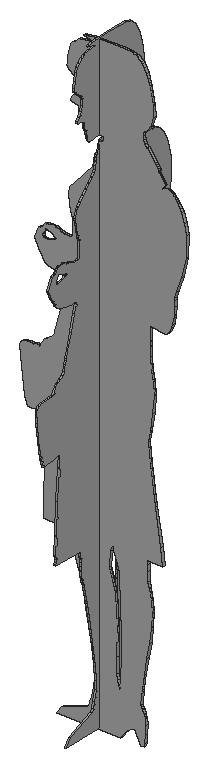
Revit family
Parameters
  built-in parameter 1005198 = (empty or 0)
  built-in parameter 1005195 = "d:\\byoh\\M25_HOL1_Santa.rpc"
Reference planes
  plane 1 "Center (Front/Back)": y = 0
  plane 2: z = 0
  plane 3 "Center (Left/Right)": x = 0
Forms (mm)
  Extrusion 1, solid, material "Sombra escala"
    sketch origin (0, 0, 0) x (1, 0, 0) y (0, 0, 1)
      loop
        line (130.323, 1438.616) -> (125.65, 1445.626) -> (122.845, 1455.613) -> (121.386, 1464.142) -> (122.845, 1471.267) -> (125.65, 1474.129) -> (128.512, 1475.588) -> (129.971, 1475.588) -> (134.235, 1481.255) -> (142.763, 1495.506) -> (149.889, 1518.342) -> (148.486, 1545.442) -> (139.902, 1586.738) -> (131.373, 1615.297) -> (119.983, 1635.215) -> (107.135, 1648.064) -> (90.022, 1653.787) -> (67.242, 1655.19) -> (38.683, 1655.19) -> (1.651, 1655.19) -> (-11.197, 1655.19) -> (-24.046, 1653.787) -> (-34.033, 1650.926) -> (-38.298, 1650.926) -> (-11.197, 1643.8) -> (-48.285, 1636.674) -> (-51.09, 1635.215) -> (-58.272, 1629.548) -> (-66.801, 1622.423) -> (-73.926, 1615.297) -> (-76.788, 1603.851) -> (-81.052, 1585.335) -> (-82.455, 1568.222) -> (-83.914, 1561.097) -> (-81.052, 1558.235) -> (-76.788, 1552.568) -> (-68.203, 1545.442) -> (-61.078, 1539.719) -> (-56.813, 1531.135) -> (-56.813, 1518.342) -> (-61.078, 1504.091) -> (-68.203, 1492.645) -> (-72.524, 1485.519) -> (-72.524, 1481.255) -> (-69.662, 1479.852) -> (-68.203, 1479.852) -> (-51.09, 1475.588) -> (-51.09, 1472.726) -> (-51.09, 1468.406) -> (-51.09, 1464.142) -> (-49.688, 1458.475) -> (-46.826, 1452.752) -> (-43.965, 1449.89) -> (-42.562, 1448.488) -> (-42.562, 1444.167) -> (-41.159, 1434.236) -> (-38.298, 1424.249) -> (-32.575, 1419.985) -> (-24.046, 1419.985) -> (-15.462, 1421.387) -> (-5.474, 1422.79) -> (3.054, 1424.249) -> (10.18, 1424.249) -> (14.444, 1422.79) -> (15.903, 1419.985) -> (14.444, 1415.664) -> (11.694, 1411.539) -> (1.651, 1407.136) -> (-4.864, 1382.223) -> (-6.933, 1378.633) -> (-9.795, 1374.313) -> (-9.795, 1371.507) -> (-11.197, 1362.923) -> (-12.6, 1352.935) -> (-14.059, 1344.407) -> (-16.92, 1338.684) -> (-24.046, 1330.155) -> (-32.575, 1320.168) -> (-42.562, 1308.778) -> (-52.549, 1298.791) -> (-62.536, 1287.345) -> (-69.662, 1278.817) -> (-75.329, 1273.094) -> (-79.649, 1255.981) -> (-75.329, 1230.339) -> (-71.065, 1207.503) -> (-68.203, 1197.572) -> (-68.203, 1153.359) -> (-71.065, 1153.359) -> (-78.191, 1153.359) -> (-88.178, 1154.761) -> (-96.762, 1157.623) -> (-101.027, 1159.026) -> (-106.693, 1160.485) -> (-112.416, 1163.346) -> (-119.542, 1164.749) -> (-125.265, 1164.749) -> (-132.391, 1164.749) -> (-136.655, 1163.346) -> (-140.919, 1161.887) -> (-145.24, 1157.623) -> (-146.642, 1153.359) -> (-143.781, 1150.497) -> (-135.252, 1147.636) -> (-125.265, 1144.774) -> (-116.681, 1139.107) -> (-111.014, 1134.843) -> (-109.555, 1133.384) -> (-113.875, 1131.982) -> (-125.265, 1127.661) -> (-138.058, 1124.856) -> (-146.642, 1127.661) -> (-148.045, 1134.843) -> (-143.781, 1140.51) -> (-139.517, 1146.233) -> (-140.919, 1149.095) -> (-146.642, 1150.497) -> (-152.365, 1150.497) -> (-156.63, 1149.095) -> (-158.032, 1147.636) -> (-169.478, 1120.536) -> (-159.491, 1096.297) -> (-148.045, 1079.24) -> (-148.045, 1077.781) -> (-146.642, 1074.92) -> (-142.378, 1069.253) -> (-135.252, 1064.932) -> (-123.806, 1060.668) -> (-109.555, 1057.807) -> (-98.165, 1056.404) -> (-93.901, 1055.001) -> (-91.039, 1056.404) -> (-85.316, 1057.807) -> (-81.052, 1057.807) -> (-78.191, 1052.14) -> (-82.455, 1029.36) -> (-93.901, 988.008) -> (-105.291, 949.518) -> (-109.555, 932.405) -> (-111.014, 929.543) -> (-112.416, 921.015) -> (-115.278, 912.487) -> (-116.681, 905.361) -> (-121.001, 898.179) -> (-129.529, 892.512) -> (-138.058, 886.789) -> (-142.378, 885.386) -> (-155.171, 864.009) -> (-158.032, 864.009) -> (-163.755, 864.009) -> (-172.284, 862.55) -> (-182.271, 862.55) -> (-192.258, 861.148) -> (-200.843, 858.286) -> (-206.51, 854.022) -> (-209.371, 849.758) -> (-206.51, 821.199) -> (-202.246, 774.18) -> (-195.12, 728.564) -> (-187.994, 707.187) -> (-183.73, 707.187) -> (-176.604, 707.187) -> (-166.617, 708.59) -> (-158.032, 709.992) -> (-148.045, 712.854) -> (-139.517, 714.313) -> (-132.362, 716.066) -> (-135.252, 681.489) -> (-139.517, 603.106) -> (-145.24, 521.806) -> (-146.642, 477.649) -> (-145.24, 466.202) -> (-145.24, 459.077) -> (-146.642, 454.813) -> (-146.642, 453.41) -> (-63.939, 449.089) -> (-63.939, 446.228) -> (-62.536, 437.7) -> (-61.078, 429.171) -> (-61.078, 422.045) -> (-61.078, 413.461) -> (-61.078, 400.612) -> (-59.675, 387.819) -> (-58.272, 377.832) -> (-55.411, 373.568) -> (-53.952, 367.845) -> (-51.09, 363.581) -> (-49.688, 356.455) -> (-45.423, 342.204) -> (-39.7, 315.103) -> (-32.575, 278.016) -> (-25.449, 236.664) -> (-18.323, 192.507) -> (-12.6, 151.155) -> (-9.795, 118.332) -> (-11.197, 95.552) -> (-16.92, 69.855) -> (-21.185, 55.603) -> (-24.394, 46.037) -> (-96.762, 17.113) -> (-109.555, -1.403) -> (61.519, -1.403) -> (64.38, 2.862) -> (72.909, 14.251) -> (84.299, 25.698) -> (98.606, 32.823) -> (114.26, -1.403) -> (124.248, -1.403) -> (125.65, 7.126) -> (127.109, 28.503) -> (128.512, 51.339) -> (127.109, 66.993) -> (124.248, 76.98) -> (119.983, 85.565) -> (115.663, 92.691) -> (114.26, 95.552) -> (118.525, 134.042) -> (124.248, 172.533) -> (131.373, 212.425) -> (138.499, 252.374) -> (142.763, 290.865) -> (145.625, 325.091) -> (142.763, 356.455) -> (137.096, 383.499) -> (134.235, 399.209) -> (134.235, 422.045) -> (134.235, 440.561) -> (134.235, 449.089) -> (174.128, 449.089) -> (168.461, 491.9) -> (154.209, 585.993) -> (139.902, 684.351) -> (135.638, 735.69) -> (139.902, 761.331) -> (147.084, 805.544) -> (151.348, 849.758) -> (148.486, 882.525) -> (142.763, 908.166) -> (139.902, 939.531) -> (139.902, 965.228) -> (139.902, 976.618) -> (139.902, 1013.706) -> (144.222, 1013.706) -> (155.612, 1012.247) -> (168.461, 1009.385) -> (178.448, 1009.385) -> (186.977, 1012.247) -> (192.7, 1019.373) -> (198.366, 1029.36) -> (201.228, 1039.347) -> (204.089, 1060.668) -> (205.492, 1082.045) -> (205.492, 1097.756) -> (205.492, 1104.881) -> (211.215, 1120.536) -> (224.064, 1159.026) -> (236.857, 1210.365) -> (238.315, 1264.565) -> (232.592, 1291.665) -> (224.064, 1315.904) -> (212.618, 1337.281) -> (199.825, 1351.533) -> (186.977, 1358.658) -> (174.442, 1356.142) -> (175.587, 1358.658) -> (179.851, 1364.381) -> (162.171, 1390.836) -> (164.141, 1392.884) -> (164.141, 1394.287) -> (134.235, 1439.903) -> (130.323, 1438.616)
      loop
        line (45.808, 433.435) -> (38.683, 449.089) -> (34.419, 439.102) -> (30.154, 397.807) -> (47.267, 340.745) -> (51.531, 262.362) -> (50.129, 189.645) -> (50.129, 148.294) -> (52.934, 134.042) -> (55.796, 124.055) -> (57.255, 116.929) -> (57.255, 114.068) -> (60.116, 135.445) -> (62.921, 192.507) -> (62.921, 255.236) -> (61.519, 306.519) -> (60.116, 330.757) -> (60.116, 342.204) -> (58.657, 362.122) -> (58.657, 383.499) -> (57.255, 396.348) -> (45.808, 433.435)
    from -2.5 to 2.5
  Extrusion 2, solid, material "Sombra escala"
    sketch origin (0, 0, 0) x (0, 1, 0) y (0, 0, 1)
      loop
        line (129.951, 1440.019) -> (125.278, 1447.029) -> (122.473, 1457.016) -> (121.014, 1465.544) -> (122.473, 1472.67) -> (125.278, 1475.532) -> (128.14, 1476.99) -> (129.598, 1476.99) -> (133.863, 1482.657) -> (142.391, 1496.909) -> (149.517, 1519.745) -> (148.114, 1546.845) -> (139.529, 1588.141) -> (131.001, 1616.7) -> (119.611, 1636.618) -> (106.762, 1649.467) -> (89.649, 1655.19) -> (66.869, 1656.593) -> (38.31, 1656.593) -> (1.279, 1656.593) -> (-11.57, 1656.593) -> (-24.418, 1655.19) -> (-34.406, 1652.328) -> (-38.67, 1652.328) -> (-11.57, 1645.203) -> (-48.657, 1638.077) -> (-51.463, 1636.618) -> (-58.644, 1630.951) -> (-67.173, 1623.825) -> (-74.299, 1616.7) -> (-77.16, 1605.254) -> (-81.424, 1586.738) -> (-82.827, 1569.625) -> (-84.286, 1562.499) -> (-81.424, 1559.638) -> (-77.16, 1553.971) -> (-68.576, 1546.845) -> (-61.45, 1541.122) -> (-57.186, 1532.538) -> (-57.186, 1519.745) -> (-61.45, 1505.493) -> (-68.576, 1494.047) -> (-72.896, 1486.922) -> (-72.896, 1482.657) -> (-70.034, 1481.255) -> (-68.576, 1481.255) -> (-51.463, 1476.99) -> (-51.463, 1474.129) -> (-51.463, 1469.809) -> (-51.463, 1465.544) -> (-50.06, 1459.878) -> (-47.198, 1454.154) -> (-44.337, 1451.293) -> (-42.934, 1449.89) -> (-42.934, 1445.57) -> (-41.531, 1435.639) -> (-38.67, 1425.652) -> (-32.947, 1421.387) -> (-24.418, 1421.387) -> (-15.834, 1422.79) -> (-5.847, 1424.193) -> (2.682, 1425.652) -> (9.807, 1425.652) -> (14.072, 1424.193) -> (15.53, 1421.387) -> (14.072, 1417.067) -> (11.321, 1412.941) -> (1.279, 1408.539) -> (-5.237, 1383.626) -> (-7.306, 1380.036) -> (-10.167, 1375.715) -> (-10.167, 1372.91) -> (-11.57, 1364.325) -> (-12.972, 1354.338) -> (-14.431, 1345.81) -> (-17.293, 1340.087) -> (-24.418, 1331.558) -> (-32.947, 1321.571) -> (-42.934, 1310.181) -> (-52.921, 1300.194) -> (-62.909, 1288.748) -> (-70.034, 1280.219) -> (-75.701, 1274.496) -> (-80.022, 1257.383) -> (-75.701, 1231.742) -> (-71.437, 1208.906) -> (-68.576, 1198.975) -> (-68.576, 1154.761) -> (-71.437, 1154.761) -> (-78.563, 1154.761) -> (-88.55, 1156.164) -> (-97.135, 1159.026) -> (-101.399, 1160.428) -> (-107.066, 1161.887) -> (-112.789, 1164.749) -> (-119.915, 1166.151) -> (-125.638, 1166.151) -> (-132.763, 1166.151) -> (-137.028, 1164.749) -> (-141.292, 1163.29) -> (-145.612, 1159.026) -> (-147.015, 1154.761) -> (-144.153, 1151.9) -> (-135.625, 1149.038) -> (-125.638, 1146.177) -> (-117.053, 1140.51) -> (-111.386, 1136.246) -> (-109.927, 1134.787) -> (-114.248, 1133.384) -> (-125.638, 1129.064) -> (-138.43, 1126.259) -> (-147.015, 1129.064) -> (-148.417, 1136.246) -> (-144.153, 1141.913) -> (-139.889, 1147.636) -> (-141.292, 1150.497) -> (-147.015, 1151.9) -> (-152.738, 1151.9) -> (-157.002, 1150.497) -> (-158.405, 1149.038) -> (-169.851, 1121.938) -> (-159.864, 1097.7) -> (-148.417, 1080.643) -> (-148.417, 1079.184) -> (-147.015, 1076.322) -> (-142.751, 1070.655) -> (-135.625, 1066.335) -> (-124.179, 1062.071) -> (-109.927, 1059.209) -> (-98.537, 1057.807) -> (-94.273, 1056.404) -> (-91.412, 1057.807) -> (-85.689, 1059.209) -> (-81.424, 1059.209) -> (-78.563, 1053.542) -> (-82.827, 1030.763) -> (-94.273, 989.411) -> (-105.663, 950.921) -> (-109.927, 933.808) -> (-111.386, 930.946) -> (-112.789, 922.418) -> (-115.65, 913.889) -> (-117.053, 906.764) -> (-121.373, 899.582) -> (-129.902, 893.915) -> (-138.43, 888.192) -> (-142.751, 886.789) -> (-155.543, 865.412) -> (-158.405, 865.412) -> (-164.128, 865.412) -> (-172.656, 863.953) -> (-182.643, 863.953) -> (-192.631, 862.55) -> (-201.215, 859.689) -> (-206.882, 855.425) -> (-209.744, 851.16) -> (-206.882, 822.601) -> (-202.618, 775.583) -> (-195.492, 729.967) -> (-188.366, 708.59) -> (-184.102, 708.59) -> (-176.977, 708.59) -> (-166.989, 709.992) -> (-158.405, 711.395) -> (-148.417, 714.257) -> (-139.889, 715.715) -> (-132.734, 717.469) -> (-135.625, 682.892) -> (-139.889, 604.509) -> (-145.612, 523.208) -> (-147.015, 479.051) -> (-145.612, 467.605) -> (-145.612, 460.479) -> (-147.015, 456.215) -> (-147.015, 454.813) -> (-64.311, 450.492) -> (-64.311, 447.631) -> (-62.909, 439.102) -> (-61.45, 430.574) -> (-61.45, 423.448) -> (-61.45, 414.864) -> (-61.45, 402.015) -> (-60.047, 389.222) -> (-58.644, 379.235) -> (-55.783, 374.971) -> (-54.324, 369.248) -> (-51.463, 364.983) -> (-50.06, 357.858) -> (-45.796, 343.606) -> (-40.073, 316.506) -> (-32.947, 279.419) -> (-25.821, 238.067) -> (-18.695, 193.91) -> (-12.972, 152.558) -> (-10.167, 119.735) -> (-11.57, 96.955) -> (-17.293, 71.257) -> (-21.557, 57.006) -> (-24.767, 47.44) -> (-97.135, 18.516) -> (-109.927, 0) -> (61.146, 0) -> (64.008, 4.264) -> (72.536, 15.654) -> (83.926, 27.1) -> (98.234, 34.226) -> (113.888, 0) -> (123.875, 0) -> (125.278, 8.528) -> (126.737, 29.906) -> (128.14, 52.742) -> (126.737, 68.396) -> (123.875, 78.383) -> (119.611, 86.968) -> (115.291, 94.093) -> (113.888, 96.955) -> (118.152, 135.445) -> (123.875, 173.935) -> (131.001, 213.828) -> (138.127, 253.777) -> (142.391, 292.267) -> (145.252, 326.493) -> (142.391, 357.858) -> (136.724, 384.902) -> (133.863, 400.612) -> (133.863, 423.448) -> (133.863, 441.964) -> (133.863, 450.492) -> (173.755, 450.492) -> (168.089, 493.303) -> (153.837, 587.396) -> (139.529, 685.754) -> (135.265, 737.093) -> (139.529, 762.734) -> (146.711, 806.947) -> (150.976, 851.16) -> (148.114, 883.928) -> (142.391, 909.569) -> (139.529, 940.933) -> (139.529, 966.631) -> (139.529, 978.021) -> (139.529, 1015.108) -> (143.85, 1015.108) -> (155.24, 1013.65) -> (168.089, 1010.788) -> (178.076, 1010.788) -> (186.604, 1013.65) -> (192.327, 1020.775) -> (197.994, 1030.763) -> (200.856, 1040.75) -> (203.717, 1062.071) -> (205.12, 1083.448) -> (205.12, 1099.158) -> (205.12, 1106.284) -> (210.843, 1121.938) -> (223.692, 1160.428) -> (236.484, 1211.767) -> (237.943, 1265.968) -> (232.22, 1293.068) -> (223.692, 1317.307) -> (212.246, 1338.684) -> (199.453, 1352.935) -> (186.604, 1360.061) -> (174.07, 1357.544) -> (175.214, 1360.061) -> (179.478, 1365.784) -> (161.799, 1392.239) -> (163.768, 1394.287) -> (163.768, 1395.69) -> (133.863, 1441.306) -> (129.951, 1440.019)
      loop
        line (59.744, 332.16) -> (59.744, 343.606) -> (58.285, 363.525) -> (58.285, 384.902) -> (56.882, 397.751) -> (45.436, 434.838) -> (38.31, 450.492) -> (34.046, 440.505) -> (29.782, 399.209) -> (46.895, 342.147) -> (51.159, 263.764) -> (49.756, 191.048) -> (49.756, 149.696) -> (52.562, 135.445) -> (55.423, 125.458) -> (56.882, 118.332) -> (56.882, 115.471) -> (59.744, 136.848) -> (62.549, 193.91) -> (62.549, 256.639) -> (61.146, 307.921) -> (59.744, 332.16)
    from -2.5 to 2.5
